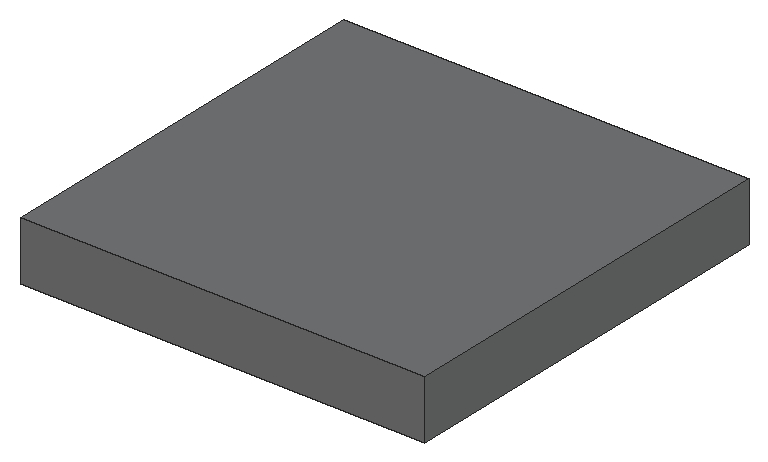
Revit family "Gira_027003", category Electrical Fixtures, host Face, Revit 2017
Family settings
  Host = Face
  Maintain Annotation Orientation = No
  Round Connector Dimension = Use Diameter
  Part Type = Normal
  Cut with Voids When Loaded = No
  Shared = No
  Room Calculation Point = No
Parameters (values of type "Cov. UAE/IAE + network System 55 p.white")
  With strain relief = "No"
  With imprint = "No"
  With hinged lid = "No"
  With dust cover = "No"
  Utilization = "UAE/IAE (ISDN)"
  URL = "http://katalog.gira.de/en/datenblatt.html?artikelnr=027003"
  Type of fastening = "Mounting with screw"
  Transparent = "No"
  Surface protection = "Other"
  Surface finishing = "Glossy"
  Support ring = "No"
  Suitable for degree of protection (IP) = "IP20"
  RAL-number (akin) = "9010"
  Name = "Cov. UAE/IAE + network System 55 p.white"
  Mounting method = "Flush mounted (plaster)"
  Material quality = "Thermoplastic"
  Material = "Plastic"
  Manufacturer URL = "https://www.gira.de/"
  Manufacturer = "Gira"
  Luster terminal = "No"
  Keynote = ""
  Imprintable label = "Without indication field"
  HeinzeBIM = "https://bimportal.heinze.de/bim/cov-uae-iae-network-system-55-p-white/d39249e620d01f05efc6a3595b41c8cf5ba3d4e9"
  Halogen free = "Yes"
  HAN = "027003"
  GTIN = "4010337270034"
  Description = "Cov.UAE IAE network Sys55 PW,Cover for UAE IAE (ISDN) and network connection box,,pure white glossy,Features:,- Cover plate can be broken out.,,Notes :,- Suitable for UAE IAE (ISDN) connection boxes."
  Default Elevation = 1219.2 mm
  Data sheet (1) = "https://katalog.gira.de/en/download.html?artikelnr=027003"
  Colour = "White"
  Category = "Insert/cover for communication technology"
  BIM (1) = "https://media.stage.bim.site/public/gira/36a6b08/Sys55_Abdeckung_Schalten und Tasten.rfa?public/gira/36a6b08/Sys55_Abdeckung_Schalten und Tasten.rfa"
  Available = "No"
  Assembly arrangement = "Central cover plate"
  Anthrazit [instance] = Anthrazit
Reference planes
  plane 1 "Center (Front/Back)": y = 0
  plane 2: z = 0
  plane 3 "Center (Left/Right)": x = 0
Forms (mm)
  Extrusion 1, solid, material "Anthrazit" <- "Anthrazit", detail levels fine
    sketch origin (0, 0, 0) x (1, 0, 0) y (0, 1, 0)
      loop
        line (-27.5, 27.5) -> (-27.5, -27.5) -> (27.5, -27.5) -> (27.5, 27.5) -> (-27.5, 27.5)
    from 0 to 8
  Extrusion 2, void
    sketch origin (0, 0, 0) x (1, 0, 0) y (0, 1, 0)
      loop
        line (26, 26) -> (-26, 26) -> (-26, -26) -> (26, -26) -> (26, 26)
    from 0 to 6
  Extrusion 3, solid, material "Anthrazit" <- "Anthrazit", detail levels medium
    sketch origin (0, 0, 0) x (1, 0, 0) y (0, 1, 0)
      loop
        line (-27.5, 27.5) -> (-27.5, -27.5) -> (27.5, -27.5) -> (27.5, 27.5) -> (-27.5, 27.5)
    from 0 to 8
  Extrusion 4, solid, material "Anthrazit" <- "Anthrazit", detail levels medium
    sketch origin (0, 0, 0) x (1, 0, 0) y (0, 1, 0)
      loop
        line (11, -17.5) -> (11, 17.5) -> (-11, 17.5) -> (-11, -17.5) -> (11, -17.5)
    from -6 to 6
  Extrusion 5, solid, material "Anthrazit" <- "Anthrazit", detail levels fine
    sketch origin (0, 0, 0) x (1, 0, 0) y (0, 1, 0)
      loop
        line (11, 17.5) -> (-11, 17.5) -> (-11, 16.5) -> (11, 16.5) -> (11, 17.5)
      loop
        line (-11, -16.5) -> (-11, -17.5) -> (11, -17.5) -> (11, -16.5) -> (-11, -16.5)
    from -4 to 6
  Extrusion 6, solid, material "Anthrazit" <- "Anthrazit", detail levels fine
    sketch origin (0, 0, 0) x (1, 0, 0) y (0, 1, 0)
      loop
        arc (5, 9.347) -> (0, 10.6) -> (-5, 9.347) r 10.6
        line (-5, 9.347) -> (-5, -9.347)
        arc (-5, -9.347) -> (0, -10.6) -> (5, -9.347) r 10.6
        line (5, -9.347) -> (5, 9.347)
    from -6 to 6
  Extrusion 7, solid, material "Anthrazit" <- "Anthrazit", detail levels coarse
    sketch origin (0, 0, 0) x (1, 0, 0) y (0, 1, 0)
      loop
        line (-27.5, 27.5) -> (-27.5, -27.5) -> (27.5, -27.5) -> (27.5, 27.5) -> (-27.5, 27.5)
    from -6 to 8
Cuts and joins
  Extrusion 2 cuts Extrusion 1
Dimensions and locks
  aligned and locked: plane 2 to host face
  aligned and locked: level to host face
